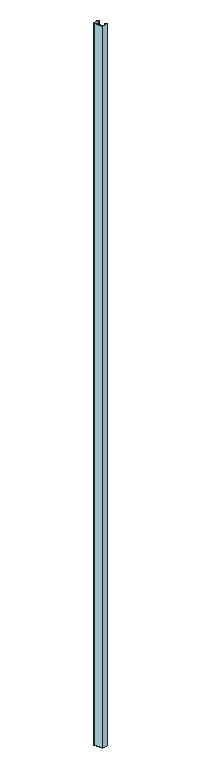
Revit family "as60x30x10x1-6", category 機械設備, Revit 2022
Family settings
  丸型コネクタ寸法 = 直径を使用
  種別 = なし
  パーツ タイプ = 標準
  作業面ベース = いいえ
  常に垂直 = はい
  ロード時にボイドで切り取り = いいえ
  注釈の向きを維持 = いいえ
  共有 = いいえ
  部屋計算ポイント = いいえ
Parameters
  製造元 = "株式会社桐井製作所"
  既定の高さ = 0 mm
  URL = "https://www.kirii.co.jp/"
  K_長さ(mm) [instance] = 4000 mm
  K_外形寸法(mm) = "60×30×10×1.6"
  K_品名 = "リップ付チャンネルAS-60×30×10×1.6"
  K_名称 = "斜め部材(ブレース材)"
  K_バージョン情報 = "20211216"
Reference planes
  plane 1 "中心(正面/背面)": y = 0
  plane 2: z = 0
  plane 3 "中心(左/右)": x = 0
  plane 4: x = 30
  plane 5: x = -30
  plane 6: z = 4000
  plane 7: y = 30
Forms (mm)
  Extrusion 1, solid
    sketch origin (0, 1, 0) x (1, 0, 0) y (0, 1, 0)
      loop
        line (-30, 29) -> (-30, -1) -> (30, -1) -> (30, 29) -> (20, 29) -> (20, 27.4) -> (28.4, 27.4) -> (28.4, 0.6) -> (-28.4, 0.6) -> (-28.4, 27.4) -> (-20, 27.4) -> (-20, 29) -> (-30, 29)
    from 0 to 4000
Dimensions and locks
  "K_長さ(mm)": plane 6 to plane 2
  aligned and locked: level to plane 2
  aligned and locked: plane 6 to Extrusion 1
Automatic sketch dimensions
  plane 1 "中心(正面/背面)" to Extrusion 1 sketch curve = 0 mm
  Extrusion 1 sketch curve to plane 5 = 0 mm
  plane 7 to Extrusion 1 sketch curve = 0 mm  (x2)
  Extrusion 1 sketch curve to plane 4 = 0 mm
  plane 5 to Extrusion 1 sketch curve = 1.6 mm
  Extrusion 1 sketch curve to Extrusion 1 sketch curve = 8.4 mm
  Extrusion 1 sketch curve to plane 4 = 10 mm
  Extrusion 1 sketch curve to plane 4 = 1.6 mm
  Extrusion 1 sketch curve to plane 1 "中心(正面/背面)" = 1.6 mm
  Extrusion 1 sketch curve to Extrusion 1 sketch curve = 1.6 mm
  plane 7 to Extrusion 1 sketch curve = 1.6 mm
